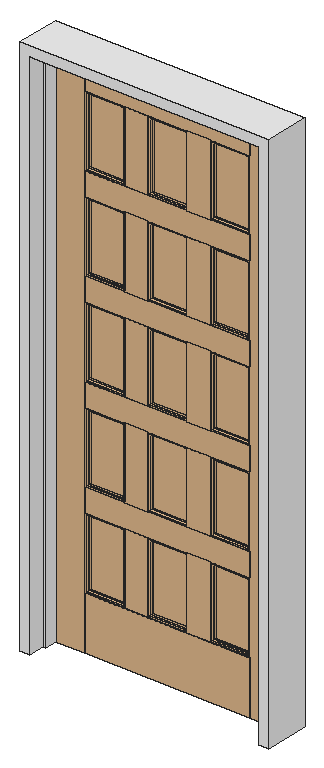
Revit family
Parameters (values of type "1 3/4" Flat Panel")
  URL = "http://www.karonadoor.com"
  Thickness Note = "Do not edit thickness."  # constant formula
  Thickness = 1.774"
  Swing Angle 2D = 90.00°
  SmartBIM Object Version = 1  # constant formula
  SmartBIM Object Created By = "Reed Construction Data"  # constant formula
  Rough Width = 0.000"
  Rough Height = 1.750"
  Panel = Panel_K5930_Karona : 1 3/4" - Flat Panel
  Model = "K5930 Ogee"  # constant formula
  Manufacturer = "Karona , Inc."  # constant formula
  Detail Door Thickness = 1.750"
  Assembly Code = ""
  Top Rail Height = 5.000"
  Top Rail = Wood, Cherry - Grain Horizontal
  Stile Width = 5.063"
  Stile = Wood, Cherry - Grain Vertical
  Sticking = Wood, Cherry - Grain Vertical
  Middle Rail = Wood, Cherry - Grain Horizontal
  Height = 84.000"
  Wall Closure = (empty or 0)
  Width = 36.000"
  Frame = Metal
  Bottom Rail Height = 8.500"
  Bottom Rail = Wood, Cherry - Grain Horizontal
  95 CSI = "08210"  # constant formula
  04 CSI = "08 14 33"  # constant formula
Types (9): name | Thickness | Rough Height | Panel | Detail Door Thickness
  1 3/4" Flat Panel | 1.774" | 1.750" | Panel_K5930_Karona : 1 3/4" - Flat Panel | 1.750"
  1 3/8" Flat Panel | 1.334" | 0.000" | Panel_K5930_Karona : 1 3/8" - Flat Panel | 1.375"
  2 1/4" Flat Panel | 2.250" | 0.000" | Panel_K5930_Karona : 2 1/4" - Flat Panel | 2.250"
  1 3/4" Glass Panel | 1.774" | 1.750" | Panel_K5930_Karona : 1 3/4" - Glass Panel | 1.750"
  1 3/8" Glass Panel | 1.334" | 0.000" | Panel_K5930_Karona : 1 3/8" - Glass Panel | 1.375"
  2 1/4" Glass Panel | 2.250" | 0.000" | Panel_K5930_Karona : 2 1/4" - Glass | 2.250"
  1 3/4" Raised Panel | 1.774" | 1.750" | Panel_K5930_Karona : 1 3/4" - Raised Panel | 1.750"
  1 3/8" Raised Panel | 1.334" | 0.000" | Panel_K5930_Karona : 1 3/8" - Raised Panel | 1.375"
  2 1/4" Raised Panel | 2.250" | 0.000" | Panel_K5930_Karona : 2 1/4" - Raised Panel | 2.250"
Reference planes (in)
  plane 1 "Center (Front/Back)": y = 0
  plane 2 "Center (Left/Right)": x = 0
  plane 3 "Left": x = -18
  plane 4 "Right": x = 18
  plane 5 "Top": z = 84
  plane 6 "Exterior Edge of Frame": y = 3.5
  plane 7 "Interior Edge of Frame": y = -3.5
  plane 8: y = 1
  plane 9: y = -1
  plane 10 "Opening Left": x = -19.5
  plane 11 "Opening Right": x = 19.5
  plane 12 "Top of Opening": z = 85.5
  plane 13: x = -17.5
Forms (in)
  Sweep 1, solid, material "Metal" <- "Frame"
    path origin (0, 0, 0) x (1, 0, 0) y (0, 0, 1)
      loop
        line (-19.5, 0) -> (-19.5, 85.5) -> (19.5, 85.5) -> (19.5, 0)
    profile origin (-19.5, 0, 42.75) x (-1, 0, 0) y (0, -1, 0)
      loop
        line (0, -3.5) -> (0, 3.5) -> (-1.5, 3.5) -> (-1.5, 1) -> (-2, 1) -> (-2, -1) -> (-1.5, -1) -> (-1.5, -3.5) -> (0, -3.5)
Lines and regions (in)
  Opening 1
    outline origin (-90, -3, 0) x (1, 0, 0) y (0, 0, 1)
      loop
        line (70.5, 0) -> (109.5, 0) -> (109.5, 85.5) -> (70.5, 85.5) -> (70.5, 0)
  symbolic lines, style "Elevation Swing"
    curve 1: line (18, 3, 0) -> (-18, 3, 42)
    curve 2: line (-18, 3, 42) -> (18, 3, 84)
Text (in)
  text "Exterior" at (-46.13199, 20.20143, 0), in view "Ref. Level"
  text "Interior" at (-46.13199, -10.56751, 0), in view "Ref. Level"
  text "Exterior" at (0, 40.15149, 123.01588), in view "Right"
  text "Interior" at (0, -64.39139, 123.01588), in view "Right"
  text "Interior" at (0, -31.01599, 123.00693), in view "Left"
  text "Exterior" at (0, 54.57065, 123.00693), in view "Left"
Dimensions and locks (in)
  "Height": level to plane 5 "Top"
  "Width": plane 3 "Left" to plane 4 "Right"
  equal spacing: host wall, curve 2, plane 5 "Top"
  locked: host wall to plane 7 "Interior Edge of Frame" at 0.5
  locked: plane 6 "Exterior Edge of Frame" to host wall at 0.5
  locked: plane 9 to plane 7 "Interior Edge of Frame" at 2.5
  locked: plane 6 "Exterior Edge of Frame" to plane 8 at 2.5
  equal spacing: plane 3 "Left", plane 2 "Center (Left/Right)", plane 4 "Right"
  locked: plane 4 "Right" to plane 11 "Opening Right" at 1.5
  locked: plane 5 "Top" to plane 12 "Top of Opening" at 1.5
  locked: plane 3 "Left" to plane 13 at 0.5
  locked: plane 10 "Opening Left" to plane 3 "Left" at 1.5
  aligned and locked: Opening 1 sketch curve to level
  aligned and locked: plane 4 "Right" to curve 1
  aligned and locked: plane 3 "Left" to curve 1
  aligned and locked: plane 5 "Top" to curve 2
  aligned and locked: Opening 1 sketch curve to plane 11 "Opening Right"
  aligned and locked: plane 12 "Top of Opening" to Opening 1 sketch curve
  aligned and locked: Opening 1 sketch curve to plane 10 "Opening Left"
  aligned and locked: plane 10 "Opening Left" to Sweep 1 sketch curve
  aligned and locked: plane 12 "Top of Opening" to Sweep 1 sketch curve
  aligned and locked: plane 11 "Opening Right" to Sweep 1 sketch curve
  aligned and locked: level to Sweep 1 sketch curve  (x2)
  aligned and locked: Sweep 1 sketch curve to plane 10 "Opening Left"
  aligned and locked: Sweep 1 sketch curve to plane 6 "Exterior Edge of Frame"
  aligned and locked: Sweep 1 sketch curve to plane 7 "Interior Edge of Frame"
  aligned and locked: Sweep 1 sketch curve to plane 8
  aligned and locked: Sweep 1 sketch curve to plane 9
  aligned and locked: plane 13 to Sweep 1 sketch curve
  aligned and locked: plane 3 "Left" to Sweep 1 sketch curve  (x2)
  aligned and locked: nested 1 to plane 2 "Center (Left/Right)"
  aligned and locked: nested 1 to plane 8
  aligned and locked: nested 2 to plane 3 "Left"
  aligned and locked: nested 2 to plane 8
Automatic sketch dimensions
  curve 1 to level = 0.000"
  curve 2 to plane 4 "Right" = 0.000"
Nested families (in)
  nested 1: "Panel_K5930_Karona" at (-13.5, 0.6575, 0) x (-1, 0, 0) z (0, 0, 1), type <- "Panel", type "1 3/4" - Flat Panel"
    with Top Panel Offset 10.600", Stile Width 5.063", Panel Width 6.208", Panel Height 11.200", Height 84.000", Half Panel Width 3.104", Half Panel Height 5.600", Cross Rail and Panel Spacing Start 7.4125", Cross Rail Panel Height 14.825"
  nested 2: "Door Panel Plan View" at (-31.5, 1, 0) x (-1, 0, 0) z (0, 0, 1), type "Door Panel Plan View"
    with Thickness 1.750", Height 84.000"
Definition of nested family "Panel_K5930_Karona"
  Parameters (values of type "2 1/4" - Glass Panel")
    Width = 36.000"
    Top Rail Material = Wood, Cherry - Grain Horizontal
    Top Rail Height = 5.000"
    Top Panel Offset = Top Rail Height + Half Panel Height  # 10.200"
    Thickness Note = "Do not change door thickness"  # constant formula
    Thickness = 2.250"
    Stile Width = 5.250"
    Stile Material = Wood, Cherry - Grain Vertical
    Sticking Material = Wood, Cherry - Grain Vertical
    Panel Width = (Width - (2 * Stile Width) - (2 * Mullion Width)) / 3  # 6.08333"
    Panel Height = (Height - (Bottom Rail Height + Top Rail Height) - (4 * 3.625")) / 5  # 10.400"
    Panel = Glass-Sticking-Assembly-Ogee_Karona : Glass Panel
    Mullion Width = 3.625"  # constant formula
    Interior Panel = Glass
    Height = 80.000"
    Half Panel Width = 0.5 * Panel Width  # 3.04167"
    Half Panel Height = 0.5 * Panel Height  # 5.200"
    Exterior Edge - Glass Bottom Offset = if(Thickness = 1.774", 0.567", if(Thickness = 2.250", 0.803", 0.469"))  # 0.803"
    Door Panel Material = Wood, Cherry - Grain Vertical
    Default Elevation = 0.000"  # constant formula
    Cross Rail and Panel Spacing Start = Half Panel Height + 0.5 * (3.625")  # 7.0125"
    Cross Rail Panel Height = Panel Height + 3.625"  # 14.025"
    Bottom Rail Material = Wood, Cherry - Grain Horizontal
    Bottom Rail Height = 8.500"
    Assembly Code = ""
  Types (9): name | Top Rail Height | Top Panel Offset | Thickness | Stile Width | Panel Width | Panel Height | Panel | Interior Panel | Half Panel Width | Half Panel Height | Exterior Edge - Glass Bottom Offset | Cross Rail and Panel Spacing Start | Cross Rail Panel Height | Bottom Rail Height
    2 1/4" - Flat Panel | 5.000" | 10.200" | 2.250" | 5.250" | 6.08333" | 10.400" | Glass-Sticking-Assembly-Ogee_Karona : Flat Panel | Wood, Cherry - Grain Vertical | 3.04167" | 5.200" | 0.803" | 7.0125" | 14.025" | 8.500"
    2 1/4" - Glass Panel | 5.000" | 10.200" | 2.250" | 5.250" | 6.08333" | 10.400" | Glass-Sticking-Assembly-Ogee_Karona : Glass Panel | Glass | 3.04167" | 5.200" | 0.803" | 7.0125" | 14.025" | 8.500"
    2 1/4" - Raised Panel | 5.000" | 10.200" | 2.250" | 5.250" | 6.08333" | 10.400" | Glass-Sticking-Assembly-Ogee_Karona : Raised Panel | Wood, Cherry - Grain Vertical | 3.04167" | 5.200" | 0.803" | 7.0125" | 14.025" | 8.500"
    1 3/4" - Raised Panel | 10.000" | 14.550" | 1.774" | 8.000" | 4.250" | 9.100" | Glass-Sticking-Assembly-Ogee_Karona : Raised Panel | Wood, Cherry - Grain Vertical | 2.125" | 4.550" | 0.567" | 6.3625" | 12.725" | 10.000"
    1 3/4" - Flat Panel | 5.000" | 10.200" | 1.774" | 5.250" | 6.08333" | 10.400" | Glass-Sticking-Assembly-Ogee_Karona : Flat Panel | Wood, Cherry - Grain Vertical | 3.04167" | 5.200" | 0.567" | 7.0125" | 14.025" | 8.500"
    1 3/4" - Glass Panel | 5.000" | 10.200" | 1.774" | 5.250" | 6.08333" | 10.400" | Glass-Sticking-Assembly-Ogee_Karona : Glass Panel | Glass | 3.04167" | 5.200" | 0.567" | 7.0125" | 14.025" | 8.500"
    1 3/8" - Raised Panel | 5.000" | 10.200" | 1.334" | 5.250" | 6.08333" | 10.400" | Glass-Sticking-Assembly-Ogee_Karona : Raised Panel | Wood, Cherry - Grain Vertical | 3.04167" | 5.200" | 0.469" | 7.0125" | 14.025" | 8.500"
    1 3/8" - Glass Panel | 5.000" | 10.200" | 1.334" | 5.250" | 6.08333" | 10.400" | Glass-Sticking-Assembly-Ogee_Karona : Glass Panel | Glass | 3.04167" | 5.200" | 0.469" | 7.0125" | 14.025" | 8.500"
    1 3/8" - Flat Panel | 5.000" | 10.200" | 1.334" | 5.250" | 6.08333" | 10.400" | Glass-Sticking-Assembly-Ogee_Karona : Flat Panel | Wood, Cherry - Grain Vertical | 3.04167" | 5.200" | 0.469" | 7.0125" | 14.025" | 8.500"
  Reference planes (in)
    plane 1 "Center (Front/Back)": y = 1.2315
    plane 2: z = 0
    plane 3 "Center (Left/Right)": x = -13.5
    plane 4 "Left": x = -31.5
    plane 5: x = 4.5
    plane 6 "Inner Left": x = -26.25
    plane 7 "Inner Right": x = -0.75
    plane 8: z = 8.5
    plane 9 "Bottom Of Top Rail": z = 75
    plane 10 "Top": z = 80
    plane 11 "Interior Edge of Door": y = 2.3565
    plane 12: z = 75
    plane 13 "Exterior Edge of Door": y = 0.1065
    plane 14 "Bottom of Glass": y = 0.9095
    plane 15 "Left Panel Vertical Midline": x = -23.20833
    plane 16 "Right Panel Vertical Midline": x = -3.79167
    plane 17 "Center of Left Vertical Mullion": x = -18.35417
    plane 18 "Center of Right Vertical Mullion": x = -8.64583
    plane 19 "Horizontal Midline Panel 1": z = 69.8
    plane 20 "Horizontal Midline Panel 2": z = 55.775
    plane 21 "Horizontal Midline Panel 3": z = 41.75
    plane 22 "Horizontal Midline Panel 4": z = 27.725
    plane 23 "Cross Rail 2": z = 48.7625
    plane 24 "Cross Rail 3": z = 34.7375
    plane 25 "Cross Rail Bottom": z = 20.7125
    plane 26 "Horizontal Midline Panel 5": z = 13.7
    plane 27 "Cross Rail 1": z = 62.7875
    plane 28: x = -20.16667
    plane 29: x = -16.54167
    plane 30: x = -10.45833
    plane 31: x = -6.83333
  Forms (in)
    Extrusion 1, solid, material "Wood, Cherry - Grain Horizontal" <- "Bottom Rail Material"
      sketch origin (0, -101.3125, 0) x (1, 0, 0) y (0, 0, 1)
        loop
          line (-26.25, 0) -> (-0.75, 0) -> (-0.75, 8.5) -> (-26.25, 8.5) -> (-26.25, 0)
      from -103.669 to -101.419
    Extrusion 2, solid, material "Wood, Cherry - Grain Vertical" <- "Stile Material"
      sketch origin (0, 1.2315, 0) x (1, 0, 0) y (0, 0, 1)
        loop
          line (-31.5, 80) -> (-31.5, 0) -> (-26.25, 0) -> (-26.25, 80) -> (-31.5, 80)
        loop
          line (-0.75, 0) -> (4.5, 0) -> (4.5, 80) -> (-0.75, 80) -> (-0.75, 0)
      from -1.125 to 1.125
    Extrusion 3, solid, material "Wood, Cherry - Grain Horizontal" <- "Top Rail Material"
      sketch origin (0, 1.2315, 0) x (1, 0, 0) y (0, 0, 1)
        loop
          line (-26.25, 80) -> (-26.25, 75) -> (-0.75, 75) -> (-0.75, 80) -> (-26.25, 80)
      from -1.125 to 1.125
    Extrusion 4, solid, material "Wood, Cherry - Grain Horizontal" <- "Top Rail Material"
      sketch origin (0, 1.2315, 0) x (1, 0, 0) y (0, 0, 1)
        loop
          line (-0.75, 18.8995) -> (-0.75, 22.5255) -> (-26.25, 22.5255) -> (-26.25, 18.8995) -> (-0.75, 18.8995)
        loop
          line (-0.75, 32.9245) -> (-0.75, 36.5505) -> (-26.25, 36.5505) -> (-26.25, 32.9245) -> (-0.75, 32.9245)
        loop
          line (-0.75, 46.9495) -> (-0.75, 50.5755) -> (-26.25, 50.5755) -> (-26.25, 46.9495) -> (-0.75, 46.9495)
        loop
          line (-0.75, 60.9745) -> (-0.75, 64.6005) -> (-26.25, 64.6005) -> (-26.25, 60.9745) -> (-0.75, 60.9745)
      from -1.125 to 1.125
    Extrusion 5, solid, material "Wood, Cherry - Grain Vertical" <- "Stile Material"
      sketch origin (0, 1.2315, 0) x (1, 0, 0) y (0, 0, 1)
        loop
          line (-20.16667, 8.5) -> (-16.54167, 8.5) -> (-16.54167, 18.8995) -> (-20.16667, 18.8995) -> (-20.16667, 8.5)
        loop
          line (-10.45833, 8.5) -> (-6.83333, 8.5) -> (-6.83333, 18.8995) -> (-10.45833, 18.8995) -> (-10.45833, 8.5)
        loop
          line (-20.16667, 22.5255) -> (-16.54167, 22.5255) -> (-16.54167, 32.9245) -> (-20.16667, 32.9245) -> (-20.16667, 22.5255)
        loop
          line (-6.83333, 22.5255) -> (-6.83333, 32.9245) -> (-10.45833, 32.9245) -> (-10.45833, 22.5255) -> (-6.83333, 22.5255)
        loop
          line (-20.16667, 36.5505) -> (-16.54167, 36.5505) -> (-16.54167, 46.9495) -> (-20.16667, 46.9495) -> (-20.16667, 36.5505)
        loop
          line (-6.83333, 36.5505) -> (-6.83333, 46.9495) -> (-10.45833, 46.9495) -> (-10.45833, 36.5505) -> (-6.83333, 36.5505)
        loop
          line (-20.16667, 50.5755) -> (-16.54167, 50.5755) -> (-16.54167, 60.9745) -> (-20.16667, 60.9745) -> (-20.16667, 50.5755)
        loop
          line (-10.45833, 50.5755) -> (-6.83333, 50.5755) -> (-6.83333, 60.9745) -> (-10.45833, 60.9745) -> (-10.45833, 50.5755)
        loop
          line (-20.16667, 64.6005) -> (-16.54167, 64.6005) -> (-16.54167, 75) -> (-20.16667, 75) -> (-20.16667, 64.6005)
        loop
          line (-10.45833, 64.6005) -> (-6.83333, 64.6005) -> (-6.83333, 75) -> (-10.45833, 75) -> (-10.45833, 64.6005)
      from -1.125 to 1.125
  Text (in)
    text "EXTERIOR" at (-34.59289, -1.27941, 0), in view "Ref. Level"
    text "EXTERIOR" at (0, -9.65287, 72.76687), in view "Left"
    text "EXTERIOR" at (0, -33.33473, 96.68074), in view "Right"
  Dimensions and locks (in)
    equal spacing: plane 4 "Left", plane 3 "Center (Left/Right)", plane 5
    "Width": plane 4 "Left" to plane 5
    "Stile Width": plane 4 "Left" to plane 6 "Inner Left"
    "Stile Width": plane 5 to plane 7 "Inner Right"
    "Bottom Rail Height": plane 8 to plane 2
    "Top Rail Height": plane 10 "Top" to plane 9 "Bottom Of Top Rail"
    "Height": plane 10 "Top" to plane 2
    equal spacing: plane 11 "Interior Edge of Door", plane 1 "Center (Front/Back)", plane 13 "Exterior Edge of Door"
    "Thickness": plane 11 "Interior Edge of Door" to plane 13 "Exterior Edge of Door"
    "Exterior Edge - Glass Bottom Offset": plane 14 "Bottom of Glass" to plane 13 "Exterior Edge of Door"
    "Exterior Edge - Glass Bottom Offset": plane 13 "Exterior Edge of Door" to plane 14 "Bottom of Glass"
    "Half Panel Width": plane 15 "Left Panel Vertical Midline" to plane 6 "Inner Left"
    "Half Panel Width": plane 7 "Inner Right" to plane 16 "Right Panel Vertical Midline"
    equal spacing: plane 3 "Center (Left/Right)", plane 17 "Center of Left Vertical Mullion", plane 15 "Left Panel Vertical Midline"
    equal spacing: plane 16 "Right Panel Vertical Midline", plane 18 "Center of Right Vertical Mullion", plane 3 "Center (Left/Right)"
    "Half Panel Height": plane 26 "Horizontal Midline Panel 5" to plane 8
    "Cross Rail and Panel Spacing Start": plane 25 "Cross Rail Bottom" to plane 26 "Horizontal Midline Panel 5"
    "Cross Rail Panel Height": plane 24 "Cross Rail 3" to plane 25 "Cross Rail Bottom"
    "Cross Rail Panel Height": plane 23 "Cross Rail 2" to plane 24 "Cross Rail 3"
    "Cross Rail Panel Height": plane 27 "Cross Rail 1" to plane 23 "Cross Rail 2"
    equal spacing: Extrusion 4 sketch curve, plane 27 "Cross Rail 1", Extrusion 4 sketch curve
    equal spacing: Extrusion 4 sketch curve, plane 23 "Cross Rail 2", Extrusion 4 sketch curve
    equal spacing: Extrusion 4 sketch curve, plane 24 "Cross Rail 3", Extrusion 4 sketch curve
    equal spacing: Extrusion 4 sketch curve, plane 25 "Cross Rail Bottom", Extrusion 4 sketch curve
    locked: Extrusion 4 sketch curve to Extrusion 4 sketch curve at 3.626  (x4)
    equal spacing: plane 24 "Cross Rail 3", plane 22 "Horizontal Midline Panel 4", plane 25 "Cross Rail Bottom"
    equal spacing: plane 23 "Cross Rail 2", plane 21 "Horizontal Midline Panel 3", plane 24 "Cross Rail 3"
    equal spacing: plane 27 "Cross Rail 1", plane 20 "Horizontal Midline Panel 2", plane 23 "Cross Rail 2"
    equal spacing: Extrusion 5 sketch curve, plane 22 "Horizontal Midline Panel 4", Extrusion 5 sketch curve  (x2)
    equal spacing: Extrusion 5 sketch curve, plane 21 "Horizontal Midline Panel 3", Extrusion 5 sketch curve  (x2)
    equal spacing: plane 28, plane 17 "Center of Left Vertical Mullion", plane 29
    locked: plane 28 to plane 29 at 3.625
    equal spacing: plane 30, plane 18 "Center of Right Vertical Mullion", plane 31
    locked: plane 30 to plane 31 at 3.625
    equal spacing: Extrusion 5 sketch curve, plane 20 "Horizontal Midline Panel 2", Extrusion 5 sketch curve  (x2)
    "Cross Rail and Panel Spacing Start": plane 19 "Horizontal Midline Panel 1" to plane 27 "Cross Rail 1"
    aligned and locked: Extrusion 1 to plane 2
    aligned and locked: plane 11 "Interior Edge of Door" to Extrusion 1
    aligned and locked: plane 4 "Left" to Extrusion 2 sketch curve
    aligned and locked: Extrusion 2 sketch curve to plane 10 "Top"
    aligned and locked: Extrusion 2 sketch curve to Extrusion 1  (x3)
    aligned and locked: Extrusion 1 to Extrusion 2 sketch curve
    aligned and locked: plane 10 "Top" to Extrusion 2 sketch curve
    aligned and locked: plane 5 to Extrusion 2 sketch curve
    aligned and locked: plane 11 "Interior Edge of Door" to Extrusion 2
    aligned and locked: Extrusion 2 to Extrusion 3 sketch curve
    aligned and locked: Extrusion 3 sketch curve to Extrusion 2
    aligned and locked: plane 11 "Interior Edge of Door" to Extrusion 3
    aligned and locked: plane 12 to plane 9 "Bottom Of Top Rail"
    aligned and locked: level to plane 2
    aligned and locked: Extrusion 3 to plane 13 "Exterior Edge of Door"
    aligned and locked: Extrusion 3 to plane 11 "Interior Edge of Door"
    aligned and locked: Extrusion 2 to plane 13 "Exterior Edge of Door"
    aligned and locked: Extrusion 3 to plane 12
    aligned and locked: Extrusion 1 to Extrusion 2
    aligned and locked: nested 1 to plane 1 "Center (Front/Back)"
    aligned and locked: nested 1 to plane 15 "Left Panel Vertical Midline"
    aligned and locked: plane 3 "Center (Left/Right)" to nested 3
    aligned and locked: nested 3 to plane 1 "Center (Front/Back)"
    aligned and locked: nested 2 to plane 1 "Center (Front/Back)"
    aligned and locked: nested 2 to plane 16 "Right Panel Vertical Midline"
    aligned and locked: plane 11 "Interior Edge of Door" to Extrusion 4
    aligned and locked: Extrusion 4 to plane 13 "Exterior Edge of Door"
    aligned and locked: plane 26 "Horizontal Midline Panel 5" to nested 1
    aligned and locked: plane 19 "Horizontal Midline Panel 1" to nested 13
    aligned and locked: plane 19 "Horizontal Midline Panel 1" to nested 15
    aligned and locked: plane 19 "Horizontal Midline Panel 1" to nested 14
    aligned and locked: plane 16 "Right Panel Vertical Midline" to nested 14
    aligned and locked: plane 16 "Right Panel Vertical Midline" to nested 11
    aligned and locked: plane 16 "Right Panel Vertical Midline" to nested 8
    aligned and locked: plane 16 "Right Panel Vertical Midline" to nested 5
    aligned and locked: plane 20 "Horizontal Midline Panel 2" to nested 11
    aligned and locked: plane 20 "Horizontal Midline Panel 2" to nested 12
    aligned and locked: plane 20 "Horizontal Midline Panel 2" to nested 10
    aligned and locked: plane 21 "Horizontal Midline Panel 3" to nested 7
    aligned and locked: plane 21 "Horizontal Midline Panel 3" to nested 9
    aligned and locked: plane 21 "Horizontal Midline Panel 3" to nested 8
    aligned and locked: plane 22 "Horizontal Midline Panel 4" to nested 4
    aligned and locked: plane 22 "Horizontal Midline Panel 4" to nested 6
    aligned and locked: plane 22 "Horizontal Midline Panel 4" to nested 5
    aligned and locked: plane 15 "Left Panel Vertical Midline" to nested 13
    aligned and locked: plane 15 "Left Panel Vertical Midline" to nested 10
    aligned and locked: plane 15 "Left Panel Vertical Midline" to nested 7
    aligned and locked: plane 3 "Center (Left/Right)" to nested 15
    aligned and locked: plane 3 "Center (Left/Right)" to nested 12
    aligned and locked: plane 3 "Center (Left/Right)" to nested 9
    aligned and locked: plane 3 "Center (Left/Right)" to nested 6
    aligned and locked: Extrusion 5 sketch curve to plane 8
    aligned and locked: Extrusion 4 to Extrusion 5 sketch curve  (x2)
    aligned and locked: Extrusion 5 sketch curve to plane 28  (x4)
    aligned and locked: plane 29 to Extrusion 5 sketch curve  (x2)
    aligned and locked: Extrusion 5 sketch curve to plane 29  (x2)
    aligned and locked: Extrusion 5 sketch curve to plane 30  (x4)
    aligned and locked: plane 31 to Extrusion 5 sketch curve  (x3)
    aligned and locked: Extrusion 5 sketch curve to plane 31
    aligned and locked: plane 12 to Extrusion 5 sketch curve  (x2)
    aligned and locked: plane 11 "Interior Edge of Door" to Extrusion 5
    aligned and locked: Extrusion 5 to plane 13 "Exterior Edge of Door"
    aligned and locked: plane 15 "Left Panel Vertical Midline" to nested 4
    aligned and locked: plane 26 "Horizontal Midline Panel 5" to nested 2
    aligned and locked: plane 26 "Horizontal Midline Panel 5" to nested 3
  Automatic sketch dimensions
    Extrusion 1 sketch curve to plane 6 "Inner Left" = 0.000"
    Extrusion 1 sketch curve to plane 7 "Inner Right" = 0.000"
    Extrusion 1 sketch curve to level = 0.000"
    Extrusion 1 sketch curve to plane 8 = 0.000"
    Extrusion 3 sketch curve to plane 7 "Inner Right" = 0.000"
    plane 9 "Bottom Of Top Rail" to Extrusion 3 sketch curve = 0.000"
    Extrusion 4 sketch curve to plane 7 "Inner Right" = 0.000"  (x4)
    Extrusion 4 sketch curve to plane 6 "Inner Left" = 0.000"  (x4)
    Extrusion 5 sketch curve to plane 25 "Cross Rail Bottom" = 1.813"
    Extrusion 5 sketch curve to plane 8 = 0.000"
    plane 25 "Cross Rail Bottom" to Extrusion 5 sketch curve = 1.813"  (x2)
    plane 24 "Cross Rail 3" to Extrusion 5 sketch curve = 1.813"  (x2)
    Extrusion 5 sketch curve to plane 31 = 0.000"
    Extrusion 5 sketch curve to plane 30 = 0.000"
    Extrusion 5 sketch curve to Extrusion 5 sketch curve = 0.000"
    Extrusion 5 sketch curve to plane 29 = 0.000"
    Extrusion 5 sketch curve to plane 28 = 0.000"
    plane 23 "Cross Rail 2" to Extrusion 5 sketch curve = 1.813"  (x2)
  Nested families (in)
    nested 1: "Glass-Sticking-Assembly-Ogee_Karona" at (-23.67708, 1.38, 8.5), Width <- "Panel Width", Height <- "Panel Height", type <- "Panel", type "Glass Panel"
      with Width 6.08333", Height 10.400", Door Thickness 2.250", C 0.370", B 0.803", A 0.364"
    nested 2: "Glass-Sticking-Assembly-Ogee_Karona" at (-4.26042, 1.38, 8.5), Width <- "Panel Width", Height <- "Panel Height", type <- "Panel", type "Glass Panel"
      with Width 6.08333", Height 10.400", Door Thickness 2.250", C 0.370", B 0.803", A 0.364"
    nested 3: "Glass-Sticking-Assembly-Ogee_Karona" at (-13.96875, 1.38, 8.5), Width <- "Panel Width", Height <- "Panel Height", type <- "Panel", type "Glass Panel"
      with Width 6.08333", Height 10.400", Door Thickness 2.250", C 0.370", B 0.803", A 0.364"
    nested 4: "Glass-Sticking-Assembly-Ogee_Karona" at (-23.67708, 1.3784, 22.525), Width <- "Panel Width", Height <- "Panel Height", type <- "Panel", type "Glass Panel"
      with Width 6.08333", Height 10.400", Door Thickness 2.250", C 0.370", B 0.803", A 0.364"
    nested 5: "Glass-Sticking-Assembly-Ogee_Karona" at (-4.26042, 1.3784, 22.525), Width <- "Panel Width", Height <- "Panel Height", type <- "Panel", type "Glass Panel"
      with Width 6.08333", Height 10.400", Door Thickness 2.250", C 0.370", B 0.803", A 0.364"
    nested 6: "Glass-Sticking-Assembly-Ogee_Karona" at (-13.96875, 1.3784, 22.525), Width <- "Panel Width", Height <- "Panel Height", type <- "Panel", type "Glass Panel"
      with Width 6.08333", Height 10.400", Door Thickness 2.250", C 0.370", B 0.803", A 0.364"
    nested 7: "Glass-Sticking-Assembly-Ogee_Karona" at (-23.67708, 1.3788, 36.55), Width <- "Panel Width", Height <- "Panel Height", type <- "Panel", type "Glass Panel"
      with Width 6.08333", Height 10.400", Door Thickness 2.250", C 0.370", B 0.803", A 0.364"
    nested 8: "Glass-Sticking-Assembly-Ogee_Karona" at (-4.26042, 1.3788, 36.55), Width <- "Panel Width", Height <- "Panel Height", type <- "Panel", type "Glass Panel"
      with Width 6.08333", Height 10.400", Door Thickness 2.250", C 0.370", B 0.803", A 0.364"
    nested 9: "Glass-Sticking-Assembly-Ogee_Karona" at (-13.96875, 1.3788, 36.55), Width <- "Panel Width", Height <- "Panel Height", type <- "Panel", type "Glass Panel"
      with Width 6.08333", Height 10.400", Door Thickness 2.250", C 0.370", B 0.803", A 0.364"
    nested 10: "Glass-Sticking-Assembly-Ogee_Karona" at (-23.67708, 1.3792, 50.575), Width <- "Panel Width", Height <- "Panel Height", type <- "Panel", type "Glass Panel"
      with Width 6.08333", Height 10.400", Door Thickness 2.250", C 0.370", B 0.803", A 0.364"
    nested 11: "Glass-Sticking-Assembly-Ogee_Karona" at (-4.26042, 1.3792, 50.575), Width <- "Panel Width", Height <- "Panel Height", type <- "Panel", type "Glass Panel"
      with Width 6.08333", Height 10.400", Door Thickness 2.250", C 0.370", B 0.803", A 0.364"
    nested 12: "Glass-Sticking-Assembly-Ogee_Karona" at (-13.96875, 1.3792, 50.575), Width <- "Panel Width", Height <- "Panel Height", type <- "Panel", type "Glass Panel"
      with Width 6.08333", Height 10.400", Door Thickness 2.250", C 0.370", B 0.803", A 0.364"
    nested 13: "Glass-Sticking-Assembly-Ogee_Karona" at (-23.67708, 1.3796, 64.6), Width <- "Panel Width", Height <- "Panel Height", type <- "Panel", type "Glass Panel"
      with Width 6.08333", Height 10.400", Door Thickness 2.250", C 0.370", B 0.803", A 0.364"
    nested 14: "Glass-Sticking-Assembly-Ogee_Karona" at (-4.26042, 1.3796, 64.6), Width <- "Panel Width", Height <- "Panel Height", type <- "Panel", type "Glass Panel"
      with Width 6.08333", Height 10.400", Door Thickness 2.250", C 0.370", B 0.803", A 0.364"
    nested 15: "Glass-Sticking-Assembly-Ogee_Karona" at (-13.96875, 1.3796, 64.6), Width <- "Panel Width", Height <- "Panel Height", type <- "Panel", type "Glass Panel"
      with Width 6.08333", Height 10.400", Door Thickness 2.250", C 0.370", B 0.803", A 0.364"
  Definition of nested family "Glass-Sticking-Assembly-Ogee_Karona"
    Parameters (values of type "Glass Panel")
      Width [instance] = 5.000"
      Vertical Profile Offset = if(Glass Panel, 0.490", 0.100")  # 0.490"
      Stop Adjustment = if(and(not(Glass Panel), Door Thickness = 1.774"), 0.513", if(and(not(Glass Panel), Door Thickness = 2.250"), 0.513", if((Glass Panel), 0.125", 0.273")))  # 0.125"
      Profile = Wood, Cherry - Grain Vertical
      Height [instance] = 23.000"
      Raised Panel = no
      Interior Panel = Glass
      Glass Panel = yes
      Door Thickness = 1.334"
      C = if(Door Thickness = 1.774", 0.131", if(Door Thickness = 2.250", 0.370", 0.093"))  # 0.093"
      B = if(Door Thickness = 1.774", 0.567", if(Door Thickness = 2.250", 0.803", 0.469"))  # 0.469"
      Assembly Code = ""
      A = if(Door Thickness = 1.774", 0.128", if(Door Thickness = 2.250", 0.364", 0.095"))  # 0.095"
    Types (3): name | Width | Vertical Profile Offset | Stop Adjustment | Raised Panel | Interior Panel | Glass Panel | Door Thickness | C | B | A
      Glass Panel | 5.000" | 0.490" | 0.125" | no | Glass | yes | 1.334" | 0.093" | 0.469" | 0.095"
      Flat Panel | 4.500" | 0.100" | 0.513" | no | Wood, Cherry - Grain Vertical | no | 2.250" | 0.370" | 0.803" | 0.364"
      Raised Panel | 4.000" | 0.100" | 0.513" | yes | Wood, Cherry - Grain Vertical | no | 2.250" | 0.370" | 0.803" | 0.364"
    Reference planes (in)
      plane 1 "Stop Adjustment Edge": y = -0.3455
      plane 2: z = 0
      plane 3 "Center (Left/Right)": x = 0.46875
      plane 4 "Back": y = 0.3945
      plane 5 "Front": y = -0.9395
      plane 6 "Left": x = -2.03125
      plane 7 "Right": x = 2.96875
      plane 8 "Top": z = 23
      plane 9 "Center (Up/Down)": z = 11.5
      plane 10 "Bottom of Stop": y = -0.2205
      plane 11 "Bottom of Glass": y = -0.4705
      plane 12 "Right Edge of Glass": x = 2.91875
      plane 13 "Left Edge of Glass": x = -1.98125
      plane 14 "Top Edge of Glass": z = 22.90625
      plane 15 "Bottom Edge of Glass": z = 0.09375
      plane 16: x = 2.84375
      plane 17 "A": y = -0.8445
      plane 18 "C": y = 0.3015
      plane 19 "Bottom Cut Line": z = 0.438
      plane 20 "Top Cut Line": z = 22.562
      plane 21 "Cut Vertical Left": x = -1.59325
      plane 22 "Cut Vertical": x = 2.53075
      plane 23 "Center (Front/Back)": y = -0.2725
    Forms (in)
      Sweep 1, solid, material "Wood, Cherry - Grain Vertical" <- "Profile"
        path origin (0, -0.3455, 0) x (1, 0, 0) y (0, 0, 1)
          loop
            line (2.96875, 23) -> (-2.03125, 23) -> (-2.03125, 0) -> (2.96875, 0) -> (2.96875, 23)
        profile origin (2.96875, -0.3455, 11.5) x (0, -1, 0) y (1, 0, 0)
          loop
            line (-0.647, 0) -> (-0.647, -0.438) -> (-0.125, -0.438) -> (-0.125, -0.05) -> (0.125, -0.05) -> (0.125, -0.438) -> (0.499, -0.438) -> (0.499, 0) -> (-0.647, 0)
      Extrusion 2, solid, material "Glass" <- "Interior Panel"
        sketch origin (0, 0, 0) x (1, 0, 0) y (0, 1, 0)
          loop
            line (-1.98125, -0.2205) -> (-1.98125, -0.4705) -> (2.91875, -0.4705) -> (2.91875, -0.2205) -> (-1.98125, -0.2205)
        from 0.09375 to 22.90625
      Extrusion 3, solid, material "Wood, Cherry - Grain Vertical" <- "Profile", visible <- "Raised Panel"
        sketch origin (0, 0, 0) x (1, 0, 0) y (0, 1, 0)
          loop
            line (2.53075, 0.3015) -> (-1.59325, 0.3015) -> (-1.59325, -0.2205) -> (2.53075, -0.2205) -> (2.53075, 0.3015)
          loop
            line (-1.59325, -0.4705) -> (-1.59325, -0.8445) -> (2.53075, -0.8445) -> (2.53075, -0.4705) -> (-1.59325, -0.4705)
        from 0.438 to 22.562
      Sweep 4, void
        path origin (0, -0.2205, 0) x (-1, 0, 0) y (0, 0, 1)
          loop
            line (2.03125, 0) -> (2.03125, 23) -> (-2.96875, 23) -> (-2.96875, 0) -> (2.03125, 0)
        profile "Profile : 05" origin (-2.03125, -0.2205, 11.5) x (1, 0, 0) y (0, 1, 0)
          loop
            line (0, 0.49) -> (0.36169, 0.49096)
            arc (0.36169, 0.49096) -> (1.01257, 0.57642) -> (1.61934, 0.827) r 2.52143
            line (1.61934, 0.827) -> (0, 0.827) -> (0, 0.49)
      Sweep 5, void
        path origin (0, -0.4705, 0) x (-1, 0, 0) y (0, 0, 1)
          loop
            line (-2.96875, 23) -> (-2.96875, 0) -> (2.03125, 0) -> (2.03125, 23) -> (-2.96875, 23)
        profile "Profile : 05" origin (2.96875, -0.4705, 11.5) x (-1, 0, 0) y (0, 1, 0)
          loop
            line (0, -0.102) -> (0, -0.439) -> (1.61934, -0.439)
            arc (1.61934, -0.439) -> (1.01257, -0.18842) -> (0.36169, -0.10296) r 2.52143
            line (0.36169, -0.10296) -> (0, -0.102)
      Sweep 6, void
        path origin (0, 0.3015, 0) x (1, 0, 0) y (0, 0, 1)
          loop
            line (-1.59325, 0.438) -> (2.53075, 0.438) -> (2.53075, 22.562) -> (-1.59325, 22.562) -> (-1.59325, 0.438)
        profile "QuarterCircleCut : QuarterCircleCut" origin (2.53075, 0.3015, 11.5) x (-1, 0, 0) y (0, -1, 0)
          loop
            arc (0.3196, 0) -> (0.182, 0.057) -> (0.125, 0.1946) r 0.1946
            line (0.125, 0.1946) -> (0.125, 0.27745) -> (0, 0.27745) -> (0, 0) -> (0.3196, 0)
      Sweep 7, void
        path origin (0, -0.8445, 0) x (1, 0, 0) y (0, 0, 1)
          loop
            line (-1.59325, 0.438) -> (2.53075, 0.438) -> (2.53075, 22.562) -> (-1.59325, 22.562) -> (-1.59325, 0.438)
        profile "QuarterCircleCut : QuarterCircleCut" origin (2.53075, -0.8445, 11.5) x (-1, 0, 0) y (0, -1, 0)
          loop
            line (0.3196, 0) -> (0, 0) -> (0, -0.27745) -> (0.125, -0.27745) -> (0.125, -0.1946)
            arc (0.125, -0.1946) -> (0.182, -0.057) -> (0.3196, 0) r 0.1946
    Cuts and joins
      Sweep 4, Sweep 5, Sweep 7 cuts Extrusion 3
      Sweep 6, Sweep 7 cuts Sweep 1
    Text (in)
      text "INTERIOR" at (-14.3788, 3.49864, 0), in view "Ref. Level"
    Dimensions and locks (in)
      equal spacing: plane 6 "Left", plane 3 "Center (Left/Right)", plane 7 "Right"
      "Width": plane 6 "Left" to plane 7 "Right"
      "Door Thickness": plane 4 "Back" to plane 5 "Front"
      "Height": plane 8 "Top" to plane 2
      equal spacing: plane 8 "Top", plane 9 "Center (Up/Down)", level
      locked: plane 1 "Stop Adjustment Edge" to plane 11 "Bottom of Glass" at 0.125
      "Stop Adjustment": plane 10 "Bottom of Stop" to plane 1 "Stop Adjustment Edge"
      locked: plane 12 "Right Edge of Glass" to plane 7 "Right" at 0.05
      locked: plane 8 "Top" to plane 14 "Top Edge of Glass" at 0.09375
      locked: plane 15 "Bottom Edge of Glass" to level at 0.09375
      locked: plane 6 "Left" to plane 13 "Left Edge of Glass" at 0.05
      "B": plane 5 "Front" to plane 11 "Bottom of Glass"
      locked: plane 16 to plane 7 "Right" at 0.125
      "A": plane 5 "Front" to plane 17 "A"
      "C": plane 18 "C" to plane 4 "Back"
      plane 4 "Back" to Sweep 1 = 0.615"
      locked: plane 19 "Bottom Cut Line" to level at 0.438
      locked: plane 8 "Top" to plane 20 "Top Cut Line" at 0.438
      locked: plane 6 "Left" to plane 21 "Cut Vertical Left" at 0.438
      locked: plane 22 "Cut Vertical" to plane 7 "Right" at 0.438
      equal spacing: plane 4 "Back", plane 23 "Center (Front/Back)", plane 5 "Front"
      aligned and locked: Sweep 1 sketch curve to plane 7 "Right"
      aligned and locked: Sweep 1 sketch curve to plane 8 "Top"
      aligned and locked: Sweep 1 sketch curve to plane 6 "Left"
      aligned and locked: Sweep 1 sketch curve to level
      aligned and locked: plane 10 "Bottom of Stop" to Sweep 1 sketch curve
      aligned and locked: plane 11 "Bottom of Glass" to Sweep 1 sketch curve
      aligned and locked: Extrusion 2 sketch curve to plane 13 "Left Edge of Glass"
      aligned and locked: Extrusion 2 sketch curve to plane 10 "Bottom of Stop"
      aligned and locked: Extrusion 2 sketch curve to plane 11 "Bottom of Glass"
      aligned and locked: Extrusion 2 sketch curve to plane 12 "Right Edge of Glass"
      aligned and locked: plane 14 "Top Edge of Glass" to Extrusion 2
      aligned and locked: Extrusion 2 to plane 15 "Bottom Edge of Glass"
      aligned and locked: Extrusion 3 sketch curve to plane 18 "C"
      aligned and locked: Extrusion 3 sketch curve to plane 10 "Bottom of Stop"
      aligned and locked: Extrusion 3 sketch curve to plane 11 "Bottom of Glass"
      aligned and locked: Extrusion 3 sketch curve to plane 17 "A"
      aligned and locked: Extrusion 3 to plane 19 "Bottom Cut Line"
      aligned and locked: Extrusion 3 to plane 20 "Top Cut Line"
      aligned and locked: plane 12 "Right Edge of Glass" to Sweep 1 sketch curve
      aligned and locked: plane 22 "Cut Vertical" to Extrusion 3 sketch curve  (x2)
      aligned and locked: Extrusion 3 sketch curve to plane 21 "Cut Vertical Left"  (x2)
      aligned and locked: plane 22 "Cut Vertical" to Sweep 1 sketch curve
      aligned and locked: Sweep 5 sketch curve to plane 6 "Left"
      aligned and locked: plane 8 "Top" to Sweep 5 sketch curve
      aligned and locked: Sweep 5 sketch curve to plane 7 "Right"
      aligned and locked: level to Sweep 5 sketch curve
      aligned and locked: Sweep 4 sketch curve to plane 7 "Right"
      aligned and locked: plane 8 "Top" to Sweep 4 sketch curve
      aligned and locked: Sweep 4 sketch curve to plane 6 "Left"
      aligned and locked: level to Sweep 4 sketch curve
      aligned and locked: plane 18 "C" to Sweep 1 sketch curve
      aligned and locked: Sweep 6 sketch curve to plane 21 "Cut Vertical Left"
      aligned and locked: plane 22 "Cut Vertical" to Sweep 6 sketch curve
      aligned and locked: Sweep 6 sketch curve to plane 19 "Bottom Cut Line"
      aligned and locked: plane 20 "Top Cut Line" to Sweep 6 sketch curve
      aligned and locked: Sweep 1 sketch curve to plane 22 "Cut Vertical"
      aligned and locked: plane 17 "A" to Sweep 1 sketch curve
      aligned and locked: Sweep 7 sketch curve to plane 21 "Cut Vertical Left"
      aligned and locked: plane 20 "Top Cut Line" to Sweep 7 sketch curve
      aligned and locked: plane 22 "Cut Vertical" to Sweep 7 sketch curve
      aligned and locked: Sweep 7 sketch curve to plane 19 "Bottom Cut Line"
    Automatic sketch dimensions
      Sweep 1 sketch curve to profile plane = 0.000"
Definition of nested family "Door Panel Plan View"
  Parameters (values of type "Door Panel Plan View")
    Width = 36.000"
    Thickness = 2.000"
    Swing Angle 2D = 90.00°
    Height = 0.000"
    Assembly Code = ""
  Reference planes (in)
    plane 1 "Center (Front/Back)": y = 0
    plane 2: z = 0
    plane 3 "Center (Left/Right)": x = -13.5
  Lines and regions (in)
    symbolic lines, style "DoorsPanelProjection"
      curve 1: line (-13.5, 0, 0) -> (-13.5, 36, 0)
      curve 2: line (-15.5, 0, 0) -> (-15.5, 36, 0)
      curve 3: line (-13.5, 0, 0) -> (-15.5, 0, 0)
      curve 4: line (-13.5, 36, 0) -> (-15.5, 36, 0)
    symbolic lines, style "Plan Swing"
      curve 5: arc (-13.5, 36, 0) -> (-38.95584, 25.45584, 0) -> (-49.5, 0, 0) r 36
  Dimensions and locks (in)
    "Width": curve 4 to curve 3
    "Thickness": curve 1 to curve 2
    "Swing Angle 2D": angle curve 1 to plane 1 "Center (Front/Back)"
    aligned and locked: plane 1 "Center (Front/Back)" to curve 5
  Automatic sketch dimensions
    curve 3 to plane 1 "Center (Front/Back)" = 0.000"
    curve 5 to plane 3 "Center (Left/Right)" = 0.000"
    curve 3 to plane 3 "Center (Left/Right)" = 0.000"
